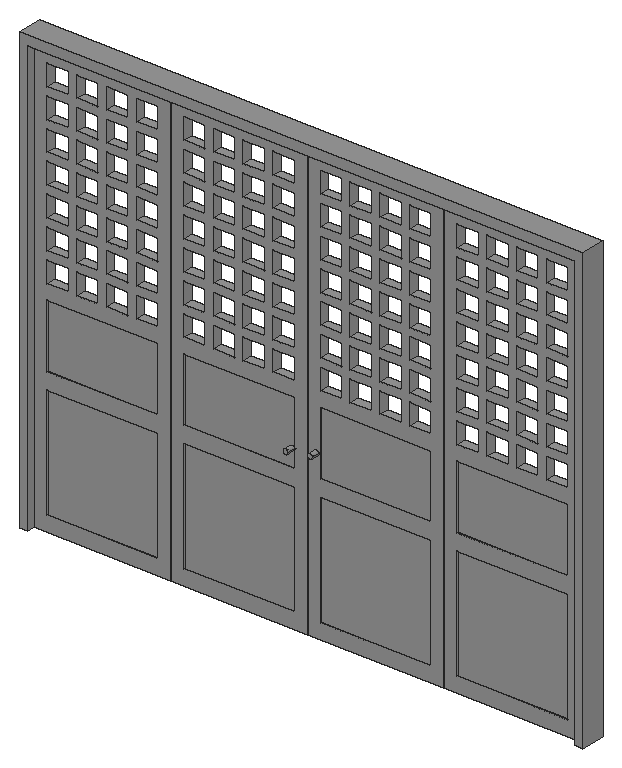
Revit family "Door 3", category 門, Revit 2022
Family settings
  主體 = 牆
  OmniClass 編號 = 23.30.10.00
  OmniClass 標題 = Doors
  總是垂直 = 是
  載入時使用空心切割 = 否
  共用 = 否
  房間計算點 = 否
Parameters
  厚度 = 60 mm
  功能 = 室內
  高度 = 2700 mm
  牆封閉 = 依主體
  寬度 = 3400 mm
Reference planes
  plane 1: y = 0
  plane 2 "中心 (左/右)": x = 0
  plane 3 "左": x = -1700
  plane 4 "右": x = 1700
  plane 5: z = 2700
  plane 6 "外部": y = 100
  plane 7 "室內": y = -100
  plane 8: y = 30
  plane 9: y = -30
  plane 10: x = -850
  plane 11: x = 850
  plane 12: z = 2616
  plane 13: z = 2483
  plane 14: z = 2433
  plane 15: z = 2300
  plane 16: z = 2250
  plane 17: z = 2117
  plane 18: z = 2067
  plane 19: z = 1934
  plane 20: z = 1884
  plane 21: z = 1751
  plane 22: z = 1701
  plane 23: z = 1568
  plane 24: z = 1518
  plane 25: z = 1385
  plane 26: z = 1295
  plane 27: z = 895
  plane 28: z = 795
  plane 29: z = 95
  plane 30: x = -1064
  plane 31: x = -1116
  plane 32: x = -1249
  plane 33: x = -1301
  plane 34: x = -1434
  plane 35: x = -1486
  plane 36: x = -931
  plane 37: x = -1619
  plane 38: z = 95
  plane 39: z = 795
  plane 40: z = 895
  plane 41: z = 1295
  plane 42: x = -931
  plane 43: x = -1619
  plane 44: z = 95
  plane 45: z = 795
  plane 46: z = 895
  plane 47: z = 1295
  plane 48: x = -931
  plane 49: x = -1619
  plane 50: z = 2616
  plane 51: z = 2483
  plane 52: z = 2433
  plane 53: z = 2300
  plane 54: z = 2250
  plane 55: z = 2117
  plane 56: z = 2067
  plane 57: z = 1934
  plane 58: z = 1884
  plane 59: z = 1751
  plane 60: z = 1701
  plane 61: z = 1568
  plane 62: z = 1518
  plane 63: z = 1385
  plane 64: z = 1295
  plane 65: z = 895
  plane 66: z = 795
  plane 67: z = 95
  plane 68: x = -214
  plane 69: x = -266
  plane 70: x = -399
  plane 71: x = -451
  plane 72: x = -584
  plane 73: x = -636
  plane 74: x = -81
  plane 75: x = -769
  plane 76: z = 2616
  plane 77: z = 2483
  plane 78: z = 2433
  plane 79: z = 2300
  plane 80: z = 2250
  plane 81: z = 2117
  plane 82: z = 2067
  plane 83: z = 1934
  plane 84: z = 1884
  plane 85: z = 1751
  plane 86: z = 1701
  plane 87: z = 1568
  plane 88: z = 1518
  plane 89: z = 1385
  plane 90: z = 1295
  plane 91: z = 895
  plane 92: z = 795
  plane 93: z = 95
  plane 94: x = 636
  plane 95: x = 584
  plane 96: x = 451
  plane 97: x = 399
  plane 98: x = 266
  plane 99: x = 214
  plane 100: x = 769
  plane 101: x = 81
  plane 102: z = 2616
  plane 103: z = 2483
  plane 104: z = 2433
  plane 105: z = 2300
  plane 106: z = 2250
  plane 107: z = 2117
  plane 108: z = 2067
  plane 109: z = 1934
  plane 110: z = 1884
  plane 111: z = 1751
  plane 112: z = 1701
  plane 113: z = 1568
  plane 114: z = 1518
  plane 115: z = 1385
  plane 116: z = 1295
  plane 117: z = 895
  plane 118: z = 795
  plane 119: z = 95
  plane 120: x = 1486
  plane 121: x = 1434
  plane 122: x = 1301
  plane 123: x = 1249
  plane 124: x = 1116
  plane 125: x = 1064
  plane 126: x = 1619
  plane 127: x = 931
  plane 128: z = 95
  plane 129: z = 795
  plane 130: z = 895
  plane 131: z = 1295
  plane 132: x = -81
  plane 133: x = -769
  plane 134: z = 95
  plane 135: z = 795
  plane 136: z = 895
  plane 137: z = 1295
  plane 138: x = 769
  plane 139: x = 81
  plane 140: z = 95
  plane 141: z = 795
  plane 142: z = 895
  plane 143: z = 1295
  plane 144: x = 1619
  plane 145: x = 931
  plane 146: z = 95
  plane 147: z = 795
  plane 148: z = 895
  plane 149: z = 1295
  plane 150: x = 1619
  plane 151: x = 931
  plane 152: z = 95
  plane 153: z = 795
  plane 154: z = 895
  plane 155: z = 1295
  plane 156: x = 769
  plane 157: x = 81
  plane 158: z = 95
  plane 159: z = 795
  plane 160: z = 895
  plane 161: z = 1295
  plane 162: x = -81
  plane 163: x = -769
Forms (mm)
  Extrusion 1, solid, material "油漆"
    sketch origin (0, 0, 0) x (1, 0, 0) y (0, 1, 0)
      loop
        line (-1700, 30) -> (-1700, -30) -> (-850, -30) -> (-850, 30) -> (-1700, 30)
    from 0 to 2700
  Extrusion 2, solid, material "油漆"
    sketch origin (0, 0, 0) x (1, 0, 0) y (0, 1, 0)
      loop
        line (-1700, 75) -> (-1750, 75) -> (-1750, -75) -> (-1700, -75) -> (-1700, 75)
      loop
        line (1700, 75) -> (1700, -75) -> (1750, -75) -> (1750, 75) -> (1700, 75)
    from 2700 <- "高度" to 0
  Extrusion 3, solid, material "油漆"
    sketch origin (0, 100, 0) x (1, 0, 0) y (0, 0, 1)
      loop
        line (1750, 2760) -> (-1750, 2760) -> (-1750, 2700) -> (1750, 2700) -> (1750, 2760)
    from 25 to 175
  Extrusion 4, void
    sketch origin (0, 100, 0) x (1, 0, 0) y (0, 0, 1)
      loop
        line (-931, 2616) -> (-1064, 2616) -> (-1064, 2483) -> (-931, 2483) -> (-931, 2616)
      loop
        line (-1116, 2616) -> (-1249, 2616) -> (-1249, 2483) -> (-1116, 2483) -> (-1116, 2616)
      loop
        line (-1301, 2616) -> (-1434, 2616) -> (-1434, 2483) -> (-1301, 2483) -> (-1301, 2616)
      loop
        line (-1486, 2616) -> (-1619, 2616) -> (-1619, 2483) -> (-1486, 2483) -> (-1486, 2616)
      loop
        line (-1486, 2433) -> (-1619, 2433) -> (-1619, 2300) -> (-1486, 2300) -> (-1486, 2433)
      loop
        line (-1301, 2433) -> (-1434, 2433) -> (-1434, 2300) -> (-1301, 2300) -> (-1301, 2433)
      loop
        line (-1116, 2433) -> (-1249, 2433) -> (-1249, 2300) -> (-1116, 2300) -> (-1116, 2433)
      loop
        line (-931, 2433) -> (-1064, 2433) -> (-1064, 2300) -> (-931, 2300) -> (-931, 2433)
      loop
        line (-931, 2250) -> (-1064, 2250) -> (-1064, 2117) -> (-931, 2117) -> (-931, 2250)
      loop
        line (-1116, 2250) -> (-1249, 2250) -> (-1249, 2117) -> (-1116, 2117) -> (-1116, 2250)
      loop
        line (-1301, 2250) -> (-1434, 2250) -> (-1434, 2117) -> (-1301, 2117) -> (-1301, 2250)
      loop
        line (-1486, 2250) -> (-1619, 2250) -> (-1619, 2117) -> (-1486, 2117) -> (-1486, 2250)
      loop
        line (-1486, 2067) -> (-1619, 2067) -> (-1619, 1934) -> (-1486, 1934) -> (-1486, 2067)
      loop
        line (-1301, 2067) -> (-1434, 2067) -> (-1434, 1934) -> (-1301, 1934) -> (-1301, 2067)
      loop
        line (-1116, 2067) -> (-1249, 2067) -> (-1249, 1934) -> (-1116, 1934) -> (-1116, 2067)
      loop
        line (-931, 2067) -> (-1064, 2067) -> (-1064, 1934) -> (-931, 1934) -> (-931, 2067)
      loop
        line (-931, 1884) -> (-1064, 1884) -> (-1064, 1751) -> (-931, 1751) -> (-931, 1884)
      loop
        line (-1116, 1884) -> (-1249, 1884) -> (-1249, 1751) -> (-1116, 1751) -> (-1116, 1884)
      loop
        line (-1301, 1884) -> (-1434, 1884) -> (-1434, 1751) -> (-1301, 1751) -> (-1301, 1884)
      loop
        line (-1486, 1884) -> (-1619, 1884) -> (-1619, 1751) -> (-1486, 1751) -> (-1486, 1884)
      loop
        line (-1486, 1701) -> (-1619, 1701) -> (-1619, 1568) -> (-1486, 1568) -> (-1486, 1701)
      loop
        line (-1486, 1518) -> (-1619, 1518) -> (-1619, 1385) -> (-1486, 1385) -> (-1486, 1518)
      loop
        line (-1301, 1701) -> (-1434, 1701) -> (-1434, 1568) -> (-1301, 1568) -> (-1301, 1701)
      loop
        line (-1116, 1701) -> (-1249, 1701) -> (-1249, 1568) -> (-1116, 1568) -> (-1116, 1701)
      loop
        line (-931, 1701) -> (-1064, 1701) -> (-1064, 1568) -> (-931, 1568) -> (-931, 1701)
      loop
        line (-931, 1518) -> (-1064, 1518) -> (-1064, 1385) -> (-931, 1385) -> (-931, 1518)
      loop
        line (-1116, 1518) -> (-1249, 1518) -> (-1249, 1385) -> (-1116, 1385) -> (-1116, 1518)
      loop
        line (-1301, 1518) -> (-1434, 1518) -> (-1434, 1385) -> (-1301, 1385) -> (-1301, 1518)
    from 70 to 130
  Extrusion 5, void
    sketch origin (0, 100, 0) x (1, 0, 0) y (0, 0, 1)
      loop
        line (-931, 1295) -> (-1619, 1295) -> (-1619, 895) -> (-931, 895) -> (-931, 1295)
      loop
        line (-931, 795) -> (-1619, 795) -> (-1619, 95) -> (-931, 95) -> (-931, 795)
    from 125 to 130
  Extrusion 6, void
    sketch origin (0, -100, 0) x (1, 0, 0) y (0, 0, -1)
      loop
        line (-931, -1295) -> (-931, -895) -> (-1619, -895) -> (-1619, -1295) -> (-931, -1295)
      loop
        line (-931, -795) -> (-931, -95) -> (-1619, -95) -> (-1619, -795) -> (-931, -795)
    from 125 to 130
  Extrusion 7, solid, material "油漆"
    sketch origin (850, 0, 0) x (1, 0, 0) y (0, 1, 0)
      loop
        line (-1700, 30) -> (-1700, -30) -> (-850, -30) -> (-850, 30) -> (-1700, 30)
    from 0 to 2700
  Extrusion 8, solid, material "油漆"
    sketch origin (1700, 0, 0) x (1, 0, 0) y (0, 1, 0)
      loop
        line (-1700, 30) -> (-1700, -30) -> (-850, -30) -> (-850, 30) -> (-1700, 30)
    from 0 to 2700
  Extrusion 9, solid, material "油漆"
    sketch origin (2550, 0, 0) x (1, 0, 0) y (0, 1, 0)
      loop
        line (-1700, 30) -> (-1700, -30) -> (-850, -30) -> (-850, 30) -> (-1700, 30)
    from 0 to 2700
  Extrusion 10, void
    sketch origin (850, 100, 0) x (1, 0, 0) y (0, 0, 1)
      loop
        line (-931, 2616) -> (-1064, 2616) -> (-1064, 2483) -> (-931, 2483) -> (-931, 2616)
      loop
        line (-1116, 2616) -> (-1249, 2616) -> (-1249, 2483) -> (-1116, 2483) -> (-1116, 2616)
      loop
        line (-1301, 2616) -> (-1434, 2616) -> (-1434, 2483) -> (-1301, 2483) -> (-1301, 2616)
      loop
        line (-1486, 2616) -> (-1619, 2616) -> (-1619, 2483) -> (-1486, 2483) -> (-1486, 2616)
      loop
        line (-1486, 2433) -> (-1619, 2433) -> (-1619, 2300) -> (-1486, 2300) -> (-1486, 2433)
      loop
        line (-1301, 2433) -> (-1434, 2433) -> (-1434, 2300) -> (-1301, 2300) -> (-1301, 2433)
      loop
        line (-1116, 2433) -> (-1249, 2433) -> (-1249, 2300) -> (-1116, 2300) -> (-1116, 2433)
      loop
        line (-931, 2433) -> (-1064, 2433) -> (-1064, 2300) -> (-931, 2300) -> (-931, 2433)
      loop
        line (-931, 2250) -> (-1064, 2250) -> (-1064, 2117) -> (-931, 2117) -> (-931, 2250)
      loop
        line (-1116, 2250) -> (-1249, 2250) -> (-1249, 2117) -> (-1116, 2117) -> (-1116, 2250)
      loop
        line (-1301, 2250) -> (-1434, 2250) -> (-1434, 2117) -> (-1301, 2117) -> (-1301, 2250)
      loop
        line (-1486, 2250) -> (-1619, 2250) -> (-1619, 2117) -> (-1486, 2117) -> (-1486, 2250)
      loop
        line (-1486, 2067) -> (-1619, 2067) -> (-1619, 1934) -> (-1486, 1934) -> (-1486, 2067)
      loop
        line (-1301, 2067) -> (-1434, 2067) -> (-1434, 1934) -> (-1301, 1934) -> (-1301, 2067)
      loop
        line (-1116, 2067) -> (-1249, 2067) -> (-1249, 1934) -> (-1116, 1934) -> (-1116, 2067)
      loop
        line (-931, 2067) -> (-1064, 2067) -> (-1064, 1934) -> (-931, 1934) -> (-931, 2067)
      loop
        line (-931, 1884) -> (-1064, 1884) -> (-1064, 1751) -> (-931, 1751) -> (-931, 1884)
      loop
        line (-1116, 1884) -> (-1249, 1884) -> (-1249, 1751) -> (-1116, 1751) -> (-1116, 1884)
      loop
        line (-1301, 1884) -> (-1434, 1884) -> (-1434, 1751) -> (-1301, 1751) -> (-1301, 1884)
      loop
        line (-1486, 1884) -> (-1619, 1884) -> (-1619, 1751) -> (-1486, 1751) -> (-1486, 1884)
      loop
        line (-1486, 1701) -> (-1619, 1701) -> (-1619, 1568) -> (-1486, 1568) -> (-1486, 1701)
      loop
        line (-1486, 1518) -> (-1619, 1518) -> (-1619, 1385) -> (-1486, 1385) -> (-1486, 1518)
      loop
        line (-1301, 1701) -> (-1434, 1701) -> (-1434, 1568) -> (-1301, 1568) -> (-1301, 1701)
      loop
        line (-1116, 1701) -> (-1249, 1701) -> (-1249, 1568) -> (-1116, 1568) -> (-1116, 1701)
      loop
        line (-931, 1701) -> (-1064, 1701) -> (-1064, 1568) -> (-931, 1568) -> (-931, 1701)
      loop
        line (-931, 1518) -> (-1064, 1518) -> (-1064, 1385) -> (-931, 1385) -> (-931, 1518)
      loop
        line (-1116, 1518) -> (-1249, 1518) -> (-1249, 1385) -> (-1116, 1385) -> (-1116, 1518)
      loop
        line (-1301, 1518) -> (-1434, 1518) -> (-1434, 1385) -> (-1301, 1385) -> (-1301, 1518)
    from 70 to 130
  Extrusion 11, void
    sketch origin (1700, 100, 0) x (1, 0, 0) y (0, 0, 1)
      loop
        line (-931, 2616) -> (-1064, 2616) -> (-1064, 2483) -> (-931, 2483) -> (-931, 2616)
      loop
        line (-1116, 2616) -> (-1249, 2616) -> (-1249, 2483) -> (-1116, 2483) -> (-1116, 2616)
      loop
        line (-1301, 2616) -> (-1434, 2616) -> (-1434, 2483) -> (-1301, 2483) -> (-1301, 2616)
      loop
        line (-1486, 2616) -> (-1619, 2616) -> (-1619, 2483) -> (-1486, 2483) -> (-1486, 2616)
      loop
        line (-1486, 2433) -> (-1619, 2433) -> (-1619, 2300) -> (-1486, 2300) -> (-1486, 2433)
      loop
        line (-1301, 2433) -> (-1434, 2433) -> (-1434, 2300) -> (-1301, 2300) -> (-1301, 2433)
      loop
        line (-1116, 2433) -> (-1249, 2433) -> (-1249, 2300) -> (-1116, 2300) -> (-1116, 2433)
      loop
        line (-931, 2433) -> (-1064, 2433) -> (-1064, 2300) -> (-931, 2300) -> (-931, 2433)
      loop
        line (-931, 2250) -> (-1064, 2250) -> (-1064, 2117) -> (-931, 2117) -> (-931, 2250)
      loop
        line (-1116, 2250) -> (-1249, 2250) -> (-1249, 2117) -> (-1116, 2117) -> (-1116, 2250)
      loop
        line (-1301, 2250) -> (-1434, 2250) -> (-1434, 2117) -> (-1301, 2117) -> (-1301, 2250)
      loop
        line (-1486, 2250) -> (-1619, 2250) -> (-1619, 2117) -> (-1486, 2117) -> (-1486, 2250)
      loop
        line (-1486, 2067) -> (-1619, 2067) -> (-1619, 1934) -> (-1486, 1934) -> (-1486, 2067)
      loop
        line (-1301, 2067) -> (-1434, 2067) -> (-1434, 1934) -> (-1301, 1934) -> (-1301, 2067)
      loop
        line (-1116, 2067) -> (-1249, 2067) -> (-1249, 1934) -> (-1116, 1934) -> (-1116, 2067)
      loop
        line (-931, 2067) -> (-1064, 2067) -> (-1064, 1934) -> (-931, 1934) -> (-931, 2067)
      loop
        line (-931, 1884) -> (-1064, 1884) -> (-1064, 1751) -> (-931, 1751) -> (-931, 1884)
      loop
        line (-1116, 1884) -> (-1249, 1884) -> (-1249, 1751) -> (-1116, 1751) -> (-1116, 1884)
      loop
        line (-1301, 1884) -> (-1434, 1884) -> (-1434, 1751) -> (-1301, 1751) -> (-1301, 1884)
      loop
        line (-1486, 1884) -> (-1619, 1884) -> (-1619, 1751) -> (-1486, 1751) -> (-1486, 1884)
      loop
        line (-1486, 1701) -> (-1619, 1701) -> (-1619, 1568) -> (-1486, 1568) -> (-1486, 1701)
      loop
        line (-1486, 1518) -> (-1619, 1518) -> (-1619, 1385) -> (-1486, 1385) -> (-1486, 1518)
      loop
        line (-1301, 1701) -> (-1434, 1701) -> (-1434, 1568) -> (-1301, 1568) -> (-1301, 1701)
      loop
        line (-1116, 1701) -> (-1249, 1701) -> (-1249, 1568) -> (-1116, 1568) -> (-1116, 1701)
      loop
        line (-931, 1701) -> (-1064, 1701) -> (-1064, 1568) -> (-931, 1568) -> (-931, 1701)
      loop
        line (-931, 1518) -> (-1064, 1518) -> (-1064, 1385) -> (-931, 1385) -> (-931, 1518)
      loop
        line (-1116, 1518) -> (-1249, 1518) -> (-1249, 1385) -> (-1116, 1385) -> (-1116, 1518)
      loop
        line (-1301, 1518) -> (-1434, 1518) -> (-1434, 1385) -> (-1301, 1385) -> (-1301, 1518)
    from 70 to 130
  Extrusion 12, void
    sketch origin (2550, 100, 0) x (1, 0, 0) y (0, 0, 1)
      loop
        line (-931, 2616) -> (-1064, 2616) -> (-1064, 2483) -> (-931, 2483) -> (-931, 2616)
      loop
        line (-1116, 2616) -> (-1249, 2616) -> (-1249, 2483) -> (-1116, 2483) -> (-1116, 2616)
      loop
        line (-1301, 2616) -> (-1434, 2616) -> (-1434, 2483) -> (-1301, 2483) -> (-1301, 2616)
      loop
        line (-1486, 2616) -> (-1619, 2616) -> (-1619, 2483) -> (-1486, 2483) -> (-1486, 2616)
      loop
        line (-1486, 2433) -> (-1619, 2433) -> (-1619, 2300) -> (-1486, 2300) -> (-1486, 2433)
      loop
        line (-1301, 2433) -> (-1434, 2433) -> (-1434, 2300) -> (-1301, 2300) -> (-1301, 2433)
      loop
        line (-1116, 2433) -> (-1249, 2433) -> (-1249, 2300) -> (-1116, 2300) -> (-1116, 2433)
      loop
        line (-931, 2433) -> (-1064, 2433) -> (-1064, 2300) -> (-931, 2300) -> (-931, 2433)
      loop
        line (-931, 2250) -> (-1064, 2250) -> (-1064, 2117) -> (-931, 2117) -> (-931, 2250)
      loop
        line (-1116, 2250) -> (-1249, 2250) -> (-1249, 2117) -> (-1116, 2117) -> (-1116, 2250)
      loop
        line (-1301, 2250) -> (-1434, 2250) -> (-1434, 2117) -> (-1301, 2117) -> (-1301, 2250)
      loop
        line (-1486, 2250) -> (-1619, 2250) -> (-1619, 2117) -> (-1486, 2117) -> (-1486, 2250)
      loop
        line (-1486, 2067) -> (-1619, 2067) -> (-1619, 1934) -> (-1486, 1934) -> (-1486, 2067)
      loop
        line (-1301, 2067) -> (-1434, 2067) -> (-1434, 1934) -> (-1301, 1934) -> (-1301, 2067)
      loop
        line (-1116, 2067) -> (-1249, 2067) -> (-1249, 1934) -> (-1116, 1934) -> (-1116, 2067)
      loop
        line (-931, 2067) -> (-1064, 2067) -> (-1064, 1934) -> (-931, 1934) -> (-931, 2067)
      loop
        line (-931, 1884) -> (-1064, 1884) -> (-1064, 1751) -> (-931, 1751) -> (-931, 1884)
      loop
        line (-1116, 1884) -> (-1249, 1884) -> (-1249, 1751) -> (-1116, 1751) -> (-1116, 1884)
      loop
        line (-1301, 1884) -> (-1434, 1884) -> (-1434, 1751) -> (-1301, 1751) -> (-1301, 1884)
      loop
        line (-1486, 1884) -> (-1619, 1884) -> (-1619, 1751) -> (-1486, 1751) -> (-1486, 1884)
      loop
        line (-1486, 1701) -> (-1619, 1701) -> (-1619, 1568) -> (-1486, 1568) -> (-1486, 1701)
      loop
        line (-1486, 1518) -> (-1619, 1518) -> (-1619, 1385) -> (-1486, 1385) -> (-1486, 1518)
      loop
        line (-1301, 1701) -> (-1434, 1701) -> (-1434, 1568) -> (-1301, 1568) -> (-1301, 1701)
      loop
        line (-1116, 1701) -> (-1249, 1701) -> (-1249, 1568) -> (-1116, 1568) -> (-1116, 1701)
      loop
        line (-931, 1701) -> (-1064, 1701) -> (-1064, 1568) -> (-931, 1568) -> (-931, 1701)
      loop
        line (-931, 1518) -> (-1064, 1518) -> (-1064, 1385) -> (-931, 1385) -> (-931, 1518)
      loop
        line (-1116, 1518) -> (-1249, 1518) -> (-1249, 1385) -> (-1116, 1385) -> (-1116, 1518)
      loop
        line (-1301, 1518) -> (-1434, 1518) -> (-1434, 1385) -> (-1301, 1385) -> (-1301, 1518)
    from 70 to 130
  Extrusion 13, void
    sketch origin (850, -100, 0) x (1, 0, 0) y (0, 0, -1)
      loop
        line (-931, -1295) -> (-931, -895) -> (-1619, -895) -> (-1619, -1295) -> (-931, -1295)
      loop
        line (-931, -795) -> (-931, -95) -> (-1619, -95) -> (-1619, -795) -> (-931, -795)
    from 125 to 130
  Extrusion 14, void
    sketch origin (1700, -100, 0) x (1, 0, 0) y (0, 0, -1)
      loop
        line (-931, -1295) -> (-931, -895) -> (-1619, -895) -> (-1619, -1295) -> (-931, -1295)
      loop
        line (-931, -795) -> (-931, -95) -> (-1619, -95) -> (-1619, -795) -> (-931, -795)
    from 125 to 130
  Extrusion 15, void
    sketch origin (2550, -100, 0) x (1, 0, 0) y (0, 0, -1)
      loop
        line (-931, -1295) -> (-931, -895) -> (-1619, -895) -> (-1619, -1295) -> (-931, -1295)
      loop
        line (-931, -795) -> (-931, -95) -> (-1619, -95) -> (-1619, -795) -> (-931, -795)
    from 125 to 130
  Extrusion 16, void
    sketch origin (2550, 100, 0) x (1, 0, 0) y (0, 0, 1)
      loop
        line (-931, 1295) -> (-1619, 1295) -> (-1619, 895) -> (-931, 895) -> (-931, 1295)
      loop
        line (-931, 795) -> (-1619, 795) -> (-1619, 95) -> (-931, 95) -> (-931, 795)
    from 125 to 130
  Extrusion 17, void
    sketch origin (1700, 100, 0) x (1, 0, 0) y (0, 0, 1)
      loop
        line (-931, 1295) -> (-1619, 1295) -> (-1619, 895) -> (-931, 895) -> (-931, 1295)
      loop
        line (-931, 795) -> (-1619, 795) -> (-1619, 95) -> (-931, 95) -> (-931, 795)
    from 125 to 130
  Extrusion 18, void
    sketch origin (850, 100, 0) x (1, 0, 0) y (0, 0, 1)
      loop
        line (-931, 1295) -> (-1619, 1295) -> (-1619, 895) -> (-931, 895) -> (-931, 1295)
      loop
        line (-931, 795) -> (-1619, 795) -> (-1619, 95) -> (-931, 95) -> (-931, 795)
    from 125 to 130
  Extrusion 19, solid, material "油漆"
    sketch origin (0, 100, 0) x (1, 0, 0) y (0, 0, 1)
      loop
        circle (-98.701, 1003.846) r 15
      loop
        circle (53.944, 1030.761) r 15
    from 25 to 175
Cuts and joins
  joined: Extrusion 2, Extrusion 3
  Extrusion 4, Extrusion 5, Extrusion 6, Extrusion 10, Extrusion 13 cuts Extrusion 1
  Extrusion 10, Extrusion 11, Extrusion 13, Extrusion 14, Extrusion 18 cuts Extrusion 7
  Extrusion 11, Extrusion 12, Extrusion 14, Extrusion 15, Extrusion 17 cuts Extrusion 8
  joined: Extrusion 8, Extrusion 19
  Extrusion 12, Extrusion 15, Extrusion 16 cuts Extrusion 9
Lines and regions (mm)
  Opening 1
    outline origin (-3050, -100, 0) x (1, 0, 0) y (0, 0, 1)
      loop
        line (1300, 0) -> (4800, 0) -> (4800, 2760) -> (1300, 2760) -> (1300, 0)
Text (mm)
  text "外部" at (-2295.016, 1099.543, 0), in view "參考樓層"
  text "外部" at (0, 1615.38, 3698.081), in view "左"
  text "外部" at (0, 1036.032, 3874.932), in view "右"
Dimensions and locks
  plane 3 "左" to plane 10 to plane 2 "中心 (左/右)" to plane 11 to plane 4 "右" = 850 mm, 850 mm, 850 mm, 850 mm
  "寬度": plane 3 "左" to plane 4 "右"
  "高度": plane 5 to host wall
  host wall to plane 5 = 2700 mm  (x2)
  locked: plane 6 "外部" to host wall
  locked: plane 7 "室內" to host wall
  equal spacing: plane 8, plane 1, plane 9
  "厚度": plane 8 to plane 9
  plane 9 to plane 7 "室內" = 70 mm
  plane 6 "外部" to plane 8 = 70 mm
  equal spacing: plane 3 "左", plane 2 "中心 (左/右)", plane 4 "右"
  Extrusion 1 to plane 29 to plane 28 to plane 27 to plane 26 to plane 25 to plane 24 to plane 23 to plane 22 to plane 21 to plane 20 to plane 19 to plane 18 to plane 17 to plane 16 to plane 15 to plane 14 to plane 13 to plane 12 to cut or joined group of Extrusion 2, Extrusion 3 = 95 mm, 700 mm, 100 mm, 400 mm, 90 mm, 133 mm, 50 mm, 133 mm, 50 mm, 133 mm, 50 mm, 133 mm, 50 mm, 133 mm, 50 mm, 133 mm, 50 mm, 133 mm, 84 mm
  Extrusion 1 to plane 36 to plane 30 to plane 31 to plane 32 to plane 33 to plane 34 to plane 35 to plane 37 to cut or joined group of Extrusion 2, Extrusion 3 = 81 mm, 133 mm, 52 mm, 133 mm, 52 mm, 133 mm, 52 mm, 133 mm, 81 mm
  cut or joined group of Extrusion 1, Extrusion 4, Extrusion 5, Extrusion 6, Extrusion 10, Extrusion 13 to plane 38 to plane 39 to plane 40 to plane 41 = 95 mm, 700 mm, 100 mm, 400 mm
  plane 47 to plane 46 to plane 45 to plane 44 = 400 mm, 100 mm, 700 mm
  plane 67 to plane 66 to plane 65 to plane 64 to plane 63 to plane 62 to plane 61 to plane 60 to plane 59 to plane 58 to plane 57 to plane 56 to plane 55 to plane 54 to plane 53 to plane 52 to plane 51 to plane 50 = 700 mm, 100 mm, 400 mm, 90 mm, 133 mm, 50 mm, 133 mm, 50 mm, 133 mm, 50 mm, 133 mm, 50 mm, 133 mm, 50 mm, 133 mm, 50 mm, 133 mm
  plane 74 to plane 68 to plane 69 to plane 70 to plane 71 to plane 72 to plane 73 to plane 75 = 133 mm, 52 mm, 133 mm, 52 mm, 133 mm, 52 mm, 133 mm
  plane 93 to plane 92 to plane 91 to plane 90 to plane 89 to plane 88 to plane 87 to plane 86 to plane 85 to plane 84 to plane 83 to plane 82 to plane 81 to plane 80 to plane 79 to plane 78 to plane 77 to plane 76 = 700 mm, 100 mm, 400 mm, 90 mm, 133 mm, 50 mm, 133 mm, 50 mm, 133 mm, 50 mm, 133 mm, 50 mm, 133 mm, 50 mm, 133 mm, 50 mm, 133 mm
  plane 100 to plane 94 to plane 95 to plane 96 to plane 97 to plane 98 to plane 99 to plane 101 = 133 mm, 52 mm, 133 mm, 52 mm, 133 mm, 52 mm, 133 mm
  plane 119 to plane 118 to plane 117 to plane 116 to plane 115 to plane 114 to plane 113 to plane 112 to plane 111 to plane 110 to plane 109 to plane 108 to plane 107 to plane 106 to plane 105 to plane 104 to plane 103 to plane 102 = 700 mm, 100 mm, 400 mm, 90 mm, 133 mm, 50 mm, 133 mm, 50 mm, 133 mm, 50 mm, 133 mm, 50 mm, 133 mm, 50 mm, 133 mm, 50 mm, 133 mm
  plane 126 to plane 120 to plane 121 to plane 122 to plane 123 to plane 124 to plane 125 to plane 127 = 133 mm, 52 mm, 133 mm, 52 mm, 133 mm, 52 mm, 133 mm
  plane 131 to plane 130 to plane 129 to plane 128 = 400 mm, 100 mm, 700 mm
  plane 137 to plane 136 to plane 135 to plane 134 = 400 mm, 100 mm, 700 mm
  plane 143 to plane 142 to plane 141 to plane 140 = 400 mm, 100 mm, 700 mm
  plane 146 to plane 147 to plane 148 to plane 149 = 700 mm, 100 mm, 400 mm
  plane 152 to plane 153 to plane 154 to plane 155 = 700 mm, 100 mm, 400 mm
  plane 158 to plane 159 to plane 160 to plane 161 = 700 mm, 100 mm, 400 mm
  aligned and locked: Opening 1 sketch curve to level
  aligned and locked: plane 1 to host wall
  aligned and locked: Extrusion 1 sketch curve to plane 8
  aligned and locked: plane 9 to Extrusion 1 sketch curve
  aligned and locked: plane 10 to Extrusion 1 sketch curve
  aligned and locked: Extrusion 2 sketch curve to plane 3 "左"
  aligned and locked: Extrusion 2 sketch curve to plane 4 "右"
  aligned and locked: Extrusion 2 to plane 3 "左"
  aligned and locked: plane 4 "右" to Extrusion 2
  aligned and locked: Extrusion 3 sketch curve to host wall  (x2)
  aligned and locked: Extrusion 3 sketch curve to Extrusion 2
  aligned and locked: host wall to Extrusion 3 sketch curve
  aligned and locked: Extrusion 3 to Extrusion 2  (x2)
  aligned and locked: plane 3 "左" to Extrusion 1
  aligned and locked: Extrusion 1 to plane 5
  aligned and locked: Extrusion 4 sketch curve to plane 12  (x4)
  aligned and locked: Extrusion 4 sketch curve to plane 36  (x7)
  aligned and locked: plane 13 to Extrusion 4 sketch curve  (x4)
  aligned and locked: Extrusion 4 sketch curve to plane 30
  aligned and locked: Extrusion 4 sketch curve to plane 31  (x7)
  aligned and locked: Extrusion 4 sketch curve to plane 32
  aligned and locked: Extrusion 4 sketch curve to plane 33  (x7)
  aligned and locked: Extrusion 4 sketch curve to plane 34
  aligned and locked: Extrusion 4 sketch curve to plane 35  (x7)
  aligned and locked: Extrusion 4 sketch curve to plane 37
  aligned and locked: Extrusion 4 sketch curve to plane 14  (x4)
  aligned and locked: plane 15 to Extrusion 4 sketch curve  (x4)
  aligned and locked: plane 37 to Extrusion 4 sketch curve  (x6)
  aligned and locked: plane 34 to Extrusion 4 sketch curve  (x6)
  aligned and locked: plane 32 to Extrusion 4 sketch curve  (x6)
  aligned and locked: plane 30 to Extrusion 4 sketch curve  (x6)
  aligned and locked: Extrusion 4 sketch curve to plane 16  (x4)
  aligned and locked: plane 17 to Extrusion 4 sketch curve  (x4)
  aligned and locked: Extrusion 4 sketch curve to plane 18  (x4)
  aligned and locked: plane 19 to Extrusion 4 sketch curve  (x4)
  aligned and locked: Extrusion 4 sketch curve to plane 20  (x4)
  aligned and locked: plane 21 to Extrusion 4 sketch curve  (x4)
  aligned and locked: Extrusion 4 sketch curve to plane 22  (x4)
  aligned and locked: plane 23 to Extrusion 4 sketch curve  (x4)
  aligned and locked: Extrusion 4 sketch curve to plane 24  (x4)
  aligned and locked: plane 25 to Extrusion 4 sketch curve  (x4)
  aligned and locked: Extrusion 5 sketch curve to plane 41
  aligned and locked: Extrusion 5 sketch curve to plane 42  (x2)
  aligned and locked: plane 40 to Extrusion 5 sketch curve
  aligned and locked: plane 43 to Extrusion 5 sketch curve  (x2)
  aligned and locked: Extrusion 5 sketch curve to plane 39
  aligned and locked: plane 38 to Extrusion 5 sketch curve
  aligned and locked: Extrusion 4 to plane 9
  aligned and locked: plane 8 to Extrusion 4
  aligned and locked: Extrusion 5 to plane 9
  aligned and locked: plane 47 to Extrusion 6 sketch curve
  aligned and locked: Extrusion 6 sketch curve to plane 48  (x2)
  aligned and locked: Extrusion 6 sketch curve to plane 46
  aligned and locked: plane 49 to Extrusion 6 sketch curve  (x2)
  aligned and locked: plane 45 to Extrusion 6 sketch curve
  aligned and locked: Extrusion 6 sketch curve to plane 44
  aligned and locked: plane 8 to Extrusion 6
  aligned and locked: Extrusion 10 sketch curve to plane 50  (x4)
  aligned and locked: Extrusion 10 sketch curve to plane 74  (x7)
  aligned and locked: plane 51 to Extrusion 10 sketch curve  (x4)
  aligned and locked: Extrusion 10 sketch curve to plane 68
  aligned and locked: Extrusion 10 sketch curve to plane 69  (x7)
  aligned and locked: Extrusion 10 sketch curve to plane 70
  aligned and locked: Extrusion 10 sketch curve to plane 71  (x7)
  aligned and locked: Extrusion 10 sketch curve to plane 72
  aligned and locked: Extrusion 10 sketch curve to plane 73  (x7)
  aligned and locked: Extrusion 10 sketch curve to plane 75
  aligned and locked: Extrusion 10 sketch curve to plane 52  (x4)
  aligned and locked: plane 53 to Extrusion 10 sketch curve  (x4)
  aligned and locked: plane 75 to Extrusion 10 sketch curve  (x6)
  aligned and locked: plane 72 to Extrusion 10 sketch curve  (x6)
  aligned and locked: plane 70 to Extrusion 10 sketch curve  (x6)
  aligned and locked: plane 68 to Extrusion 10 sketch curve  (x6)
  aligned and locked: Extrusion 10 sketch curve to plane 54  (x4)
  aligned and locked: plane 55 to Extrusion 10 sketch curve  (x4)
  aligned and locked: Extrusion 10 sketch curve to plane 56  (x4)
  aligned and locked: plane 57 to Extrusion 10 sketch curve  (x4)
  aligned and locked: Extrusion 10 sketch curve to plane 58  (x4)
  aligned and locked: plane 59 to Extrusion 10 sketch curve  (x4)
  aligned and locked: Extrusion 10 sketch curve to plane 60  (x4)
  aligned and locked: plane 61 to Extrusion 10 sketch curve  (x4)
  aligned and locked: Extrusion 10 sketch curve to plane 62  (x4)
  aligned and locked: plane 63 to Extrusion 10 sketch curve  (x4)
  aligned and locked: Extrusion 11 sketch curve to plane 76  (x4)
  aligned and locked: Extrusion 11 sketch curve to plane 100  (x7)
  aligned and locked: plane 77 to Extrusion 11 sketch curve  (x4)
  aligned and locked: Extrusion 11 sketch curve to plane 94
  aligned and locked: Extrusion 11 sketch curve to plane 95  (x7)
  aligned and locked: Extrusion 11 sketch curve to plane 96
  aligned and locked: Extrusion 11 sketch curve to plane 97  (x7)
  aligned and locked: Extrusion 11 sketch curve to plane 98
  aligned and locked: Extrusion 11 sketch curve to plane 99  (x7)
  aligned and locked: Extrusion 11 sketch curve to plane 101
  aligned and locked: Extrusion 11 sketch curve to plane 78  (x4)
  aligned and locked: plane 79 to Extrusion 11 sketch curve  (x4)
  aligned and locked: plane 101 to Extrusion 11 sketch curve  (x6)
  aligned and locked: plane 98 to Extrusion 11 sketch curve  (x6)
  aligned and locked: plane 96 to Extrusion 11 sketch curve  (x6)
  aligned and locked: plane 94 to Extrusion 11 sketch curve  (x6)
  aligned and locked: Extrusion 11 sketch curve to plane 80  (x4)
  aligned and locked: plane 81 to Extrusion 11 sketch curve  (x4)
  aligned and locked: Extrusion 11 sketch curve to plane 82  (x4)
  aligned and locked: plane 83 to Extrusion 11 sketch curve  (x4)
  aligned and locked: Extrusion 11 sketch curve to plane 84  (x4)
  aligned and locked: plane 85 to Extrusion 11 sketch curve  (x4)
  aligned and locked: Extrusion 11 sketch curve to plane 86  (x4)
  aligned and locked: plane 87 to Extrusion 11 sketch curve  (x4)
  aligned and locked: Extrusion 11 sketch curve to plane 88  (x4)
  aligned and locked: plane 89 to Extrusion 11 sketch curve  (x4)
  aligned and locked: Extrusion 12 sketch curve to plane 102  (x4)
  aligned and locked: Extrusion 12 sketch curve to plane 126  (x7)
  aligned and locked: plane 103 to Extrusion 12 sketch curve  (x4)
  aligned and locked: Extrusion 12 sketch curve to plane 120
  aligned and locked: Extrusion 12 sketch curve to plane 121  (x7)
  aligned and locked: Extrusion 12 sketch curve to plane 122
  aligned and locked: Extrusion 12 sketch curve to plane 123  (x7)
  aligned and locked: Extrusion 12 sketch curve to plane 124
  aligned and locked: Extrusion 12 sketch curve to plane 125  (x7)
  aligned and locked: Extrusion 12 sketch curve to plane 127
  aligned and locked: Extrusion 12 sketch curve to plane 104  (x4)
  aligned and locked: plane 105 to Extrusion 12 sketch curve  (x4)
  aligned and locked: plane 127 to Extrusion 12 sketch curve  (x6)
  aligned and locked: plane 124 to Extrusion 12 sketch curve  (x6)
  aligned and locked: plane 122 to Extrusion 12 sketch curve  (x6)
  aligned and locked: plane 120 to Extrusion 12 sketch curve  (x6)
  aligned and locked: Extrusion 12 sketch curve to plane 106  (x4)
  aligned and locked: plane 107 to Extrusion 12 sketch curve  (x4)
  aligned and locked: Extrusion 12 sketch curve to plane 108  (x4)
  aligned and locked: plane 109 to Extrusion 12 sketch curve  (x4)
  aligned and locked: Extrusion 12 sketch curve to plane 110  (x4)
  aligned and locked: plane 111 to Extrusion 12 sketch curve  (x4)
  aligned and locked: Extrusion 12 sketch curve to plane 112  (x4)
  aligned and locked: plane 113 to Extrusion 12 sketch curve  (x4)
  aligned and locked: Extrusion 12 sketch curve to plane 114  (x4)
  aligned and locked: plane 115 to Extrusion 12 sketch curve  (x4)
  aligned and locked: plane 131 to Extrusion 13 sketch curve
  aligned and locked: Extrusion 13 sketch curve to plane 132  (x2)
  aligned and locked: Extrusion 13 sketch curve to plane 130
  aligned and locked: plane 133 to Extrusion 13 sketch curve  (x2)
  aligned and locked: plane 129 to Extrusion 13 sketch curve
  aligned and locked: Extrusion 13 sketch curve to plane 128
  aligned and locked: plane 137 to Extrusion 14 sketch curve
  aligned and locked: Extrusion 14 sketch curve to plane 138  (x2)
  aligned and locked: Extrusion 14 sketch curve to plane 136
  aligned and locked: plane 139 to Extrusion 14 sketch curve  (x2)
  aligned and locked: plane 135 to Extrusion 14 sketch curve
  aligned and locked: Extrusion 14 sketch curve to plane 134
  aligned and locked: plane 143 to Extrusion 15 sketch curve
  aligned and locked: Extrusion 15 sketch curve to plane 144  (x2)
  aligned and locked: Extrusion 15 sketch curve to plane 142
  aligned and locked: plane 145 to Extrusion 15 sketch curve  (x2)
  aligned and locked: plane 141 to Extrusion 15 sketch curve
  aligned and locked: Extrusion 15 sketch curve to plane 140
  aligned and locked: plane 8 to Extrusion 10
  aligned and locked: Extrusion 10 to plane 9
  aligned and locked: Extrusion 11 to plane 9
  aligned and locked: plane 8 to Extrusion 12
  aligned and locked: plane 8 to Extrusion 13
  aligned and locked: plane 8 to Extrusion 14
  aligned and locked: plane 8 to Extrusion 15
  aligned and locked: Extrusion 16 sketch curve to plane 149
  aligned and locked: Extrusion 16 sketch curve to plane 150  (x2)
  aligned and locked: plane 148 to Extrusion 16 sketch curve
  aligned and locked: plane 151 to Extrusion 16 sketch curve  (x2)
  aligned and locked: Extrusion 16 sketch curve to plane 147
  aligned and locked: plane 146 to Extrusion 16 sketch curve
  aligned and locked: Extrusion 16 to plane 9
  aligned and locked: Extrusion 17 sketch curve to plane 155
  aligned and locked: Extrusion 17 sketch curve to plane 156  (x2)
  aligned and locked: plane 154 to Extrusion 17 sketch curve
  aligned and locked: plane 157 to Extrusion 17 sketch curve  (x2)
  aligned and locked: Extrusion 17 sketch curve to plane 153
  aligned and locked: plane 152 to Extrusion 17 sketch curve
  aligned and locked: Extrusion 17 to plane 9
  aligned and locked: Extrusion 18 sketch curve to plane 161
  aligned and locked: Extrusion 18 sketch curve to plane 162  (x2)
  aligned and locked: plane 160 to Extrusion 18 sketch curve
  aligned and locked: plane 163 to Extrusion 18 sketch curve  (x2)
  aligned and locked: Extrusion 18 sketch curve to plane 159
  aligned and locked: plane 158 to Extrusion 18 sketch curve
  aligned and locked: Extrusion 18 to plane 9
  aligned and locked: cut or joined group of Extrusion 2, Extrusion 3 to Extrusion 19
  aligned and locked: Extrusion 7 to plane 5
  aligned and locked: Extrusion 9 to plane 5
  aligned and locked: Extrusion 8 to plane 5
Automatic sketch dimensions
  plane 3 "左" to Opening 1 sketch curve = 50 mm
  Opening 1 sketch curve to plane 4 "右" = 50 mm
  Opening 1 sketch curve to plane 5 = 60 mm
  Extrusion 1 sketch curve to plane 3 "左" = 0 mm
  Extrusion 2 sketch curve to Extrusion 2 sketch curve = 50 mm
  Extrusion 2 sketch curve to host wall = 25 mm  (x4)
  Extrusion 2 sketch curve to plane 4 "右" = 50 mm
  Extrusion 4 sketch curve to plane 17 = 0 mm
  Extrusion 7 sketch curve to plane 9 = 0 mm
  plane 10 to Extrusion 7 sketch curve = 0 mm
  Extrusion 7 sketch curve to plane 2 "中心 (左/右)" = 0 mm
  Extrusion 7 sketch curve to plane 8 = 0 mm
  Extrusion 8 sketch curve to plane 2 "中心 (左/右)" = 0 mm
  Extrusion 8 sketch curve to plane 9 = 0 mm
  Extrusion 8 sketch curve to plane 11 = 0 mm
  Extrusion 8 sketch curve to plane 8 = 0 mm
  Extrusion 9 sketch curve to plane 9 = 0 mm
  Extrusion 9 sketch curve to plane 11 = 0 mm
  Extrusion 9 sketch curve to plane 4 "右" = 0 mm
  Extrusion 9 sketch curve to plane 8 = 0 mm
  Extrusion 10 sketch curve to plane 55 = 0 mm
  Extrusion 11 sketch curve to plane 81 = 0 mm
  Extrusion 12 sketch curve to plane 107 = 0 mm
  Extrusion 19 sketch curve to plane 2 "中心 (左/右)" = 98.701 mm
  plane 2 "中心 (左/右)" to Extrusion 19 sketch curve = 53.944 mm
  level to Extrusion 19 sketch curve = 1003.846 mm
  Extrusion 19 sketch curve to Extrusion 19 sketch curve = 26.915 mm
  radius of Extrusion 19 sketch curve = 15 mm  (x2)
